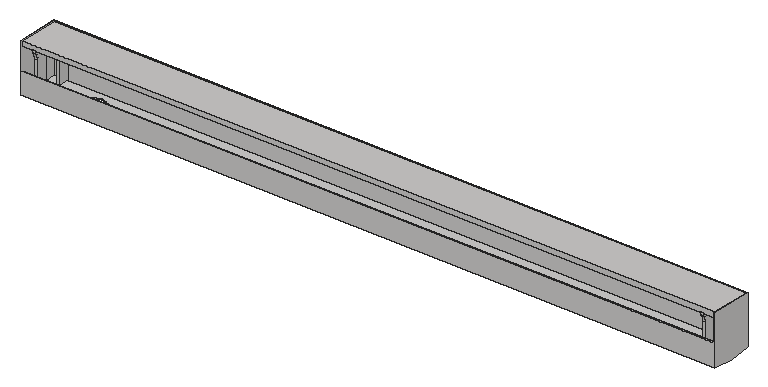
Revit family "PF_ST_RainTrak-O_ACO", category Plumbing Fixtures, Revit 2016
Family settings
  Part Type = Normal
  Round Connector Dimension = Use Diameter
  OmniClass Number = 23.70.50.24
  OmniClass Title = Rainwater Removal
  Work Plane-Based = Yes
  Always vertical = Yes
  Cut with Voids When Loaded = Yes
  Shared = No
  Room Calculation Point = No
Parameters (values of type "RainTrak-O-75mm width")
  width_C_ANZRS [instance] = if(type_index = 1, 75 mm, if(type_index = 2, 100 mm, if(type_index = 3, 123 mm, 0 mm)))  # 75 mm
  type_index = 1
  sill_depth01 [instance] = depth_01_C_ANZRS - channel_depth - 5.3 mm  # 50 mm
  sill_depth [instance] = 50 mm
  region_index = 1  # constant formula
  product_index [instance] = size_lookup(lookup_table_name, "pi", 0, type_index, grating_index)  # 2
  product_assortment_C_ANZRS [instance] = "RainTrak"  # constant formula
  outlet_number [instance] = 1
  outlet_dia [instance] = 50 mm
  min_end_dist [instance] = length_01_C_ANZRS - diameter_calculated  # 1249.2 mm
  material_C_ANZRS [instance] = Steel, Stainless
  lookup_table_name [instance] = "RainTrak"  # constant formula
  length_01_C_ANZRS [instance] = channel_length  # 1300 mm
  gratings [instance] = gratings_RainTrak : Affiner_grating
  grating_length [instance] = channel_length - 3 mm  # 1297 mm
  grating_index [instance] = if(gratings = gm_type1, 1, if(gratings = gm_type2, 2, 0))  # 2
  gm_type2 [instance] = gratings_RainTrak : Affiner_grating
  gm_type1 [instance] = gratings_RainTrak : Linéaire_grating
  e-mail sales = "sales@acoaus.com.au"
  e-mail Technical = "sales@acoaus.com.au"
  drain_position_calculated_9 [instance] = if(or(outlet_number = 9, outlet_number > 9), (if(or(drain_position_9 < 0 mm, drain_position_9 = 0 mm), (drain_position_calculated_8 + (1.5 * diameter_calculated)), if(and(drain_position_9 > 0 mm, drain_position_9 < (drain_position_calculated_8 + (1.5 * diameter_calculated)) + 0.1 mm), (drain_position_calculated_8 + (1.5 * diameter_calculated)), if(and(drain_position_9 > (drain_position_calculated_8 + (1.5 * diameter_calculated)), drain_position_9 < min_end_dist + 0.1 mm), drain_position_9, if(and(drain_position_9 > (drain_position_calculated_8 + (1.5 * diameter_calculated)), drain_position_9 < length_01_C_ANZRS), min_end_dist, (if(or(drain_position_9 > length_01_C_ANZRS, drain_position_9 = length_01_C_ANZRS), min_end_dist, drain_position_9 - diameter_calculated))))))), length_01_C_ANZRS + 100 mm)  # 1400 mm
  drain_position_calculated_8 [instance] = if(or(outlet_number = 8, outlet_number > 8), (if(or(drain_position_8 < 0 mm, drain_position_8 = 0 mm), (drain_position_calculated_7 + (1.5 * diameter_calculated)), if(and(drain_position_8 > 0 mm, drain_position_8 < (drain_position_calculated_7 + (1.5 * diameter_calculated)) + 0.1 mm), (drain_position_calculated_7 + (1.5 * diameter_calculated)), if(and(drain_position_8 > (drain_position_calculated_7 + (1.5 * diameter_calculated)), drain_position_8 < min_end_dist + 0.1 mm), drain_position_8, if(and(drain_position_8 > (drain_position_calculated_7 + (1.5 * diameter_calculated)), drain_position_8 < length_01_C_ANZRS), min_end_dist, (if(or(drain_position_8 > length_01_C_ANZRS, drain_position_8 = length_01_C_ANZRS), min_end_dist, drain_position_8 - diameter_calculated))))))), length_01_C_ANZRS + 100 mm)  # 1400 mm
  drain_position_calculated_7 [instance] = if(or(outlet_number = 7, outlet_number > 7), (if(or(drain_position_7 < 0 mm, drain_position_7 = 0 mm), (drain_position_calculated_6 + (1.5 * diameter_calculated)), if(and(drain_position_7 > 0 mm, drain_position_7 < (drain_position_calculated_6 + (1.5 * diameter_calculated)) + 0.1 mm), (drain_position_calculated_6 + (1.5 * diameter_calculated)), if(and(drain_position_7 > (drain_position_calculated_6 + (1.5 * diameter_calculated)), drain_position_7 < min_end_dist + 0.1 mm), drain_position_7, if(and(drain_position_7 > (drain_position_calculated_6 + (1.5 * diameter_calculated)), drain_position_7 < length_01_C_ANZRS), min_end_dist, (if(or(drain_position_7 > length_01_C_ANZRS, drain_position_7 = length_01_C_ANZRS), min_end_dist, drain_position_7 - diameter_calculated))))))), length_01_C_ANZRS + 100 mm)  # 1400 mm
  drain_position_calculated_6 [instance] = if(or(outlet_number = 6, outlet_number > 6), (if(or(drain_position_6 < 0 mm, drain_position_6 = 0 mm), (drain_position_calculated_5 + (1.5 * diameter_calculated)), if(and(drain_position_6 > 0 mm, drain_position_6 < (drain_position_calculated_5 + (1.5 * diameter_calculated)) + 0.1 mm), (drain_position_calculated_5 + (1.5 * diameter_calculated)), if(and(drain_position_6 > (drain_position_calculated_5 + (1.5 * diameter_calculated)), drain_position_6 < min_end_dist + 0.1 mm), drain_position_6, if(and(drain_position_6 > (drain_position_calculated_5 + (1.5 * diameter_calculated)), drain_position_6 < length_01_C_ANZRS), min_end_dist, (if(or(drain_position_6 > length_01_C_ANZRS, drain_position_6 = length_01_C_ANZRS), min_end_dist, drain_position_6 - diameter_calculated))))))), length_01_C_ANZRS + 100 mm)  # 1400 mm
  drain_position_calculated_5 [instance] = if(or(outlet_number = 5, outlet_number > 5), (if(or(drain_position_5 < 0 mm, drain_position_5 = 0 mm), (drain_position_calculated_4 + (1.5 * diameter_calculated)), if(and(drain_position_5 > 0 mm, drain_position_5 < (drain_position_calculated_4 + (1.5 * diameter_calculated)) + 0.1 mm), (drain_position_calculated_4 + (1.5 * diameter_calculated)), if(and(drain_position_5 > (drain_position_calculated_4 + (1.5 * diameter_calculated)), drain_position_5 < min_end_dist + 0.1 mm), drain_position_5, if(and(drain_position_5 > (drain_position_calculated_4 + (1.5 * diameter_calculated)), drain_position_5 < length_01_C_ANZRS), min_end_dist, (if(or(drain_position_5 > length_01_C_ANZRS, drain_position_5 = length_01_C_ANZRS), min_end_dist, drain_position_5 - diameter_calculated))))))), length_01_C_ANZRS + 100 mm)  # 1400 mm
  drain_position_calculated_4 [instance] = if(or(outlet_number = 4, outlet_number > 4), (if(or(drain_position_4 < 0 mm, drain_position_4 = 0 mm), (drain_position_calculated_3 + (1.5 * diameter_calculated)), if(and(drain_position_4 > 0 mm, drain_position_4 < (drain_position_calculated_3 + (1.5 * diameter_calculated)) + 0.1 mm), (drain_position_calculated_3 + (1.5 * diameter_calculated)), if(and(drain_position_4 > (drain_position_calculated_3 + (1.5 * diameter_calculated)), drain_position_4 < min_end_dist + 0.1 mm), drain_position_4, if(and(drain_position_4 > (drain_position_calculated_3 + (1.5 * diameter_calculated)), drain_position_4 < length_01_C_ANZRS), min_end_dist, (if(or(drain_position_4 > length_01_C_ANZRS, drain_position_4 = length_01_C_ANZRS), min_end_dist, drain_position_4 - diameter_calculated))))))), length_01_C_ANZRS + 100 mm)  # 1400 mm
  drain_position_calculated_30 [instance] = if(or(outlet_number = 30, outlet_number > 30), (if(or(drain_position_30 < 0 mm, drain_position_30 = 0 mm), (drain_position_calculated_29 + (1.5 * diameter_calculated)), if(and(drain_position_30 > 0 mm, drain_position_30 < (drain_position_calculated_29 + (1.5 * diameter_calculated)) + 0.1 mm), (drain_position_calculated_29 + (1.5 * diameter_calculated)), if(and(drain_position_30 > (drain_position_calculated_29 + (1.5 * diameter_calculated)), drain_position_30 < min_end_dist + 0.1 mm), drain_position_30, if(and(drain_position_30 > (drain_position_calculated_29 + (1.5 * diameter_calculated)), drain_position_30 < length_01_C_ANZRS), min_end_dist, (if(or(drain_position_30 > length_01_C_ANZRS, drain_position_30 = length_01_C_ANZRS), min_end_dist, drain_position_30 - diameter_calculated))))))), length_01_C_ANZRS + 100 mm)  # 1400 mm
  drain_position_calculated_3 [instance] = if(or(outlet_number = 3, outlet_number > 3), (if(or(drain_position_3 < 0 mm, drain_position_3 = 0 mm), (drain_position_calculated_2 + (1.5 * diameter_calculated)), if(and(drain_position_3 > 0 mm, drain_position_3 < (drain_position_calculated_2 + (1.5 * diameter_calculated)) + 0.1 mm), (drain_position_calculated_2 + (1.5 * diameter_calculated)), if(and(drain_position_3 > (drain_position_calculated_2 + (1.5 * diameter_calculated)), drain_position_3 < min_end_dist + 0.1 mm), drain_position_3, if(and(drain_position_3 > (drain_position_calculated_2 + (1.5 * diameter_calculated)), drain_position_3 < length_01_C_ANZRS), min_end_dist, (if(or(drain_position_3 > length_01_C_ANZRS, drain_position_3 = length_01_C_ANZRS), min_end_dist, drain_position_3 - diameter_calculated))))))), length_01_C_ANZRS + 100 mm)  # 1400 mm
  drain_position_calculated_29 [instance] = if(or(outlet_number = 29, outlet_number > 29), (if(or(drain_position_29 < 0 mm, drain_position_29 = 0 mm), (drain_position_calculated_28 + (1.5 * diameter_calculated)), if(and(drain_position_29 > 0 mm, drain_position_29 < (drain_position_calculated_28 + (1.5 * diameter_calculated)) + 0.1 mm), (drain_position_calculated_28 + (1.5 * diameter_calculated)), if(and(drain_position_29 > (drain_position_calculated_28 + (1.5 * diameter_calculated)), drain_position_29 < min_end_dist + 0.1 mm), drain_position_29, if(and(drain_position_29 > (drain_position_calculated_28 + (1.5 * diameter_calculated)), drain_position_29 < length_01_C_ANZRS), min_end_dist, (if(or(drain_position_29 > length_01_C_ANZRS, drain_position_29 = length_01_C_ANZRS), min_end_dist, drain_position_29 - diameter_calculated))))))), length_01_C_ANZRS + 100 mm)  # 1400 mm
  drain_position_calculated_28 [instance] = if(or(outlet_number = 28, outlet_number > 28), (if(or(drain_position_28 < 0 mm, drain_position_28 = 0 mm), (drain_position_calculated_27 + (1.5 * diameter_calculated)), if(and(drain_position_28 > 0 mm, drain_position_28 < (drain_position_calculated_27 + (1.5 * diameter_calculated)) + 0.1 mm), (drain_position_calculated_27 + (1.5 * diameter_calculated)), if(and(drain_position_28 > (drain_position_calculated_27 + (1.5 * diameter_calculated)), drain_position_28 < min_end_dist + 0.1 mm), drain_position_28, if(and(drain_position_28 > (drain_position_calculated_27 + (1.5 * diameter_calculated)), drain_position_28 < length_01_C_ANZRS), min_end_dist, (if(or(drain_position_28 > length_01_C_ANZRS, drain_position_28 = length_01_C_ANZRS), min_end_dist, drain_position_28 - diameter_calculated))))))), length_01_C_ANZRS + 100 mm)  # 1400 mm
  drain_position_calculated_27 [instance] = if(or(outlet_number = 27, outlet_number > 27), (if(or(drain_position_27 < 0 mm, drain_position_27 = 0 mm), (drain_position_calculated_26 + (1.5 * diameter_calculated)), if(and(drain_position_27 > 0 mm, drain_position_27 < (drain_position_calculated_26 + (1.5 * diameter_calculated)) + 0.1 mm), (drain_position_calculated_26 + (1.5 * diameter_calculated)), if(and(drain_position_27 > (drain_position_calculated_26 + (1.5 * diameter_calculated)), drain_position_27 < min_end_dist + 0.1 mm), drain_position_27, if(and(drain_position_27 > (drain_position_calculated_26 + (1.5 * diameter_calculated)), drain_position_27 < length_01_C_ANZRS), min_end_dist, (if(or(drain_position_27 > length_01_C_ANZRS, drain_position_27 = length_01_C_ANZRS), min_end_dist, drain_position_27 - diameter_calculated))))))), length_01_C_ANZRS + 100 mm)  # 1400 mm
  drain_position_calculated_26 [instance] = if(or(outlet_number = 26, outlet_number > 26), (if(or(drain_position_26 < 0 mm, drain_position_26 = 0 mm), (drain_position_calculated_25 + (1.5 * diameter_calculated)), if(and(drain_position_26 > 0 mm, drain_position_26 < (drain_position_calculated_25 + (1.5 * diameter_calculated)) + 0.1 mm), (drain_position_calculated_25 + (1.5 * diameter_calculated)), if(and(drain_position_26 > (drain_position_calculated_25 + (1.5 * diameter_calculated)), drain_position_26 < min_end_dist + 0.1 mm), drain_position_26, if(and(drain_position_26 > (drain_position_calculated_25 + (1.5 * diameter_calculated)), drain_position_26 < length_01_C_ANZRS), min_end_dist, (if(or(drain_position_26 > length_01_C_ANZRS, drain_position_26 = length_01_C_ANZRS), min_end_dist, drain_position_26 - diameter_calculated))))))), length_01_C_ANZRS + 100 mm)  # 1400 mm
  drain_position_calculated_25 [instance] = if(or(outlet_number = 25, outlet_number > 25), (if(or(drain_position_25 < 0 mm, drain_position_25 = 0 mm), (drain_position_calculated_24 + (1.5 * diameter_calculated)), if(and(drain_position_25 > 0 mm, drain_position_25 < (drain_position_calculated_24 + (1.5 * diameter_calculated)) + 0.1 mm), (drain_position_calculated_24 + (1.5 * diameter_calculated)), if(and(drain_position_25 > (drain_position_calculated_24 + (1.5 * diameter_calculated)), drain_position_25 < min_end_dist + 0.1 mm), drain_position_25, if(and(drain_position_25 > (drain_position_calculated_24 + (1.5 * diameter_calculated)), drain_position_25 < length_01_C_ANZRS), min_end_dist, (if(or(drain_position_25 > length_01_C_ANZRS, drain_position_25 = length_01_C_ANZRS), min_end_dist, drain_position_25 - diameter_calculated))))))), length_01_C_ANZRS + 100 mm)  # 1400 mm
  drain_position_calculated_24 [instance] = if(or(outlet_number = 24, outlet_number > 24), (if(or(drain_position_24 < 0 mm, drain_position_24 = 0 mm), (drain_position_calculated_23 + (1.5 * diameter_calculated)), if(and(drain_position_24 > 0 mm, drain_position_24 < (drain_position_calculated_23 + (1.5 * diameter_calculated)) + 0.1 mm), (drain_position_calculated_23 + (1.5 * diameter_calculated)), if(and(drain_position_24 > (drain_position_calculated_23 + (1.5 * diameter_calculated)), drain_position_24 < min_end_dist + 0.1 mm), drain_position_24, if(and(drain_position_24 > (drain_position_calculated_23 + (1.5 * diameter_calculated)), drain_position_24 < length_01_C_ANZRS), min_end_dist, (if(or(drain_position_24 > length_01_C_ANZRS, drain_position_24 = length_01_C_ANZRS), min_end_dist, drain_position_24 - diameter_calculated))))))), length_01_C_ANZRS + 100 mm)  # 1400 mm
  drain_position_calculated_23 [instance] = if(or(outlet_number = 23, outlet_number > 23), (if(or(drain_position_23 < 0 mm, drain_position_23 = 0 mm), (drain_position_calculated_22 + (1.5 * diameter_calculated)), if(and(drain_position_23 > 0 mm, drain_position_23 < (drain_position_calculated_22 + (1.5 * diameter_calculated)) + 0.1 mm), (drain_position_calculated_22 + (1.5 * diameter_calculated)), if(and(drain_position_23 > (drain_position_calculated_22 + (1.5 * diameter_calculated)), drain_position_23 < min_end_dist + 0.1 mm), drain_position_23, if(and(drain_position_23 > (drain_position_calculated_22 + (1.5 * diameter_calculated)), drain_position_23 < length_01_C_ANZRS), min_end_dist, (if(or(drain_position_23 > length_01_C_ANZRS, drain_position_23 = length_01_C_ANZRS), min_end_dist, drain_position_23 - diameter_calculated))))))), length_01_C_ANZRS + 100 mm)  # 1400 mm
  drain_position_calculated_22 [instance] = if(or(outlet_number = 22, outlet_number > 22), (if(or(drain_position_22 < 0 mm, drain_position_22 = 0 mm), (drain_position_calculated_21 + (1.5 * diameter_calculated)), if(and(drain_position_22 > 0 mm, drain_position_22 < (drain_position_calculated_21 + (1.5 * diameter_calculated)) + 0.1 mm), (drain_position_calculated_21 + (1.5 * diameter_calculated)), if(and(drain_position_22 > (drain_position_calculated_21 + (1.5 * diameter_calculated)), drain_position_22 < min_end_dist + 0.1 mm), drain_position_22, if(and(drain_position_22 > (drain_position_calculated_21 + (1.5 * diameter_calculated)), drain_position_22 < length_01_C_ANZRS), min_end_dist, (if(or(drain_position_22 > length_01_C_ANZRS, drain_position_22 = length_01_C_ANZRS), min_end_dist, drain_position_22 - diameter_calculated))))))), length_01_C_ANZRS + 100 mm)  # 1400 mm
  drain_position_calculated_21 [instance] = if(or(outlet_number = 21, outlet_number > 21), (if(or(drain_position_21 < 0 mm, drain_position_21 = 0 mm), (drain_position_calculated_20 + (1.5 * diameter_calculated)), if(and(drain_position_21 > 0 mm, drain_position_21 < (drain_position_calculated_20 + (1.5 * diameter_calculated)) + 0.1 mm), (drain_position_calculated_20 + (1.5 * diameter_calculated)), if(and(drain_position_21 > (drain_position_calculated_20 + (1.5 * diameter_calculated)), drain_position_21 < min_end_dist + 0.1 mm), drain_position_21, if(and(drain_position_21 > (drain_position_calculated_20 + (1.5 * diameter_calculated)), drain_position_21 < length_01_C_ANZRS), min_end_dist, (if(or(drain_position_21 > length_01_C_ANZRS, drain_position_21 = length_01_C_ANZRS), min_end_dist, drain_position_21 - diameter_calculated))))))), length_01_C_ANZRS + 100 mm)  # 1400 mm
  drain_position_calculated_20 [instance] = if(or(outlet_number = 20, outlet_number > 20), (if(or(drain_position_20 < 0 mm, drain_position_20 = 0 mm), (drain_position_calculated_19 + (1.5 * diameter_calculated)), if(and(drain_position_20 > 0 mm, drain_position_20 < (drain_position_calculated_19 + (1.5 * diameter_calculated)) + 0.1 mm), (drain_position_calculated_19 + (1.5 * diameter_calculated)), if(and(drain_position_20 > (drain_position_calculated_19 + (1.5 * diameter_calculated)), drain_position_20 < min_end_dist + 0.1 mm), drain_position_20, if(and(drain_position_20 > (drain_position_calculated_19 + (1.5 * diameter_calculated)), drain_position_20 < length_01_C_ANZRS), min_end_dist, (if(or(drain_position_20 > length_01_C_ANZRS, drain_position_20 = length_01_C_ANZRS), min_end_dist, drain_position_20 - diameter_calculated))))))), length_01_C_ANZRS + 100 mm)  # 1400 mm
  drain_position_calculated_2 [instance] = if(or(outlet_number = 2, outlet_number > 2), (if(or(drain_position_2 < 0 mm, drain_position_2 = 0 mm), (drain_position_calculated_1 + (1.5 * diameter_calculated)), if(and(drain_position_2 > 0 mm, drain_position_2 < (drain_position_calculated_1 + (1.5 * diameter_calculated)) + 0.1 mm), (drain_position_calculated_1 + (1.5 * diameter_calculated)), if(and(drain_position_2 > (drain_position_calculated_1 + (1.5 * diameter_calculated)), drain_position_2 < min_end_dist + 0.1 mm), drain_position_2, if(and(drain_position_2 > (drain_position_calculated_1 + (1.5 * diameter_calculated)), drain_position_2 < length_01_C_ANZRS), min_end_dist, (if(or(drain_position_2 > length_01_C_ANZRS, drain_position_2 = length_01_C_ANZRS), min_end_dist, drain_position_2 - diameter_calculated))))))), length_01_C_ANZRS + 100 mm)  # 1400 mm
  drain_position_calculated_19 [instance] = if(or(outlet_number = 19, outlet_number > 19), (if(or(drain_position_19 < 0 mm, drain_position_19 = 0 mm), (drain_position_calculated_18 + (1.5 * diameter_calculated)), if(and(drain_position_19 > 0 mm, drain_position_19 < (drain_position_calculated_18 + (1.5 * diameter_calculated)) + 0.1 mm), (drain_position_calculated_18 + (1.5 * diameter_calculated)), if(and(drain_position_19 > (drain_position_calculated_18 + (1.5 * diameter_calculated)), drain_position_19 < min_end_dist + 0.1 mm), drain_position_19, if(and(drain_position_19 > (drain_position_calculated_18 + (1.5 * diameter_calculated)), drain_position_19 < length_01_C_ANZRS), min_end_dist, (if(or(drain_position_19 > length_01_C_ANZRS, drain_position_19 = length_01_C_ANZRS), min_end_dist, drain_position_19 - diameter_calculated))))))), length_01_C_ANZRS + 100 mm)  # 1400 mm
  drain_position_calculated_18 [instance] = if(or(outlet_number = 18, outlet_number > 18), (if(or(drain_position_18 < 0 mm, drain_position_18 = 0 mm), (drain_position_calculated_17 + (1.5 * diameter_calculated)), if(and(drain_position_18 > 0 mm, drain_position_18 < (drain_position_calculated_17 + (1.5 * diameter_calculated)) + 0.1 mm), (drain_position_calculated_17 + (1.5 * diameter_calculated)), if(and(drain_position_18 > (drain_position_calculated_17 + (1.5 * diameter_calculated)), drain_position_18 < min_end_dist + 0.1 mm), drain_position_18, if(and(drain_position_18 > (drain_position_calculated_17 + (1.5 * diameter_calculated)), drain_position_18 < length_01_C_ANZRS), min_end_dist, (if(or(drain_position_18 > length_01_C_ANZRS, drain_position_18 = length_01_C_ANZRS), min_end_dist, drain_position_18 - diameter_calculated))))))), length_01_C_ANZRS + 100 mm)  # 1400 mm
  drain_position_calculated_17 [instance] = if(or(outlet_number = 17, outlet_number > 17), (if(or(drain_position_17 < 0 mm, drain_position_17 = 0 mm), (drain_position_calculated_16 + (1.5 * diameter_calculated)), if(and(drain_position_17 > 0 mm, drain_position_17 < (drain_position_calculated_16 + (1.5 * diameter_calculated)) + 0.1 mm), (drain_position_calculated_16 + (1.5 * diameter_calculated)), if(and(drain_position_17 > (drain_position_calculated_16 + (1.5 * diameter_calculated)), drain_position_17 < min_end_dist + 0.1 mm), drain_position_17, if(and(drain_position_17 > (drain_position_calculated_16 + (1.5 * diameter_calculated)), drain_position_17 < length_01_C_ANZRS), min_end_dist, (if(or(drain_position_17 > length_01_C_ANZRS, drain_position_17 = length_01_C_ANZRS), min_end_dist, drain_position_17 - diameter_calculated))))))), length_01_C_ANZRS + 100 mm)  # 1400 mm
  drain_position_calculated_16 [instance] = if(or(outlet_number = 16, outlet_number > 16), (if(or(drain_position_16 < 0 mm, drain_position_16 = 0 mm), (drain_position_calculated_15 + (1.5 * diameter_calculated)), if(and(drain_position_16 > 0 mm, drain_position_16 < (drain_position_calculated_15 + (1.5 * diameter_calculated)) + 0.1 mm), (drain_position_calculated_15 + (1.5 * diameter_calculated)), if(and(drain_position_16 > (drain_position_calculated_15 + (1.5 * diameter_calculated)), drain_position_16 < min_end_dist + 0.1 mm), drain_position_16, if(and(drain_position_16 > (drain_position_calculated_15 + (1.5 * diameter_calculated)), drain_position_16 < length_01_C_ANZRS), min_end_dist, (if(or(drain_position_16 > length_01_C_ANZRS, drain_position_16 = length_01_C_ANZRS), min_end_dist, drain_position_16 - diameter_calculated))))))), length_01_C_ANZRS + 100 mm)  # 1400 mm
  drain_position_calculated_15 [instance] = if(or(outlet_number = 15, outlet_number > 15), (if(or(drain_position_15 < 0 mm, drain_position_15 = 0 mm), (drain_position_calculated_14 + (1.5 * diameter_calculated)), if(and(drain_position_15 > 0 mm, drain_position_15 < (drain_position_calculated_14 + (1.5 * diameter_calculated)) + 0.1 mm), (drain_position_calculated_14 + (1.5 * diameter_calculated)), if(and(drain_position_15 > (drain_position_calculated_14 + (1.5 * diameter_calculated)), drain_position_15 < min_end_dist + 0.1 mm), drain_position_15, if(and(drain_position_15 > (drain_position_calculated_14 + (1.5 * diameter_calculated)), drain_position_15 < length_01_C_ANZRS), min_end_dist, (if(or(drain_position_15 > length_01_C_ANZRS, drain_position_15 = length_01_C_ANZRS), min_end_dist, drain_position_15 - diameter_calculated))))))), length_01_C_ANZRS + 100 mm)  # 1400 mm
  drain_position_calculated_14 [instance] = if(or(outlet_number = 14, outlet_number > 14), (if(or(drain_position_14 < 0 mm, drain_position_14 = 0 mm), (drain_position_calculated_13 + (1.5 * diameter_calculated)), if(and(drain_position_14 > 0 mm, drain_position_14 < (drain_position_calculated_13 + (1.5 * diameter_calculated)) + 0.1 mm), (drain_position_calculated_13 + (1.5 * diameter_calculated)), if(and(drain_position_14 > (drain_position_calculated_13 + (1.5 * diameter_calculated)), drain_position_14 < min_end_dist + 0.1 mm), drain_position_14, if(and(drain_position_14 > (drain_position_calculated_13 + (1.5 * diameter_calculated)), drain_position_14 < length_01_C_ANZRS), min_end_dist, (if(or(drain_position_14 > length_01_C_ANZRS, drain_position_14 = length_01_C_ANZRS), min_end_dist, drain_position_14 - diameter_calculated))))))), length_01_C_ANZRS + 100 mm)  # 1400 mm
  drain_position_calculated_13 [instance] = if(or(outlet_number = 13, outlet_number > 13), (if(or(drain_position_13 < 0 mm, drain_position_13 = 0 mm), (drain_position_calculated_12 + (1.5 * diameter_calculated)), if(and(drain_position_13 > 0 mm, drain_position_13 < (drain_position_calculated_12 + (1.5 * diameter_calculated)) + 0.1 mm), (drain_position_calculated_12 + (1.5 * diameter_calculated)), if(and(drain_position_13 > (drain_position_calculated_12 + (1.5 * diameter_calculated)), drain_position_13 < min_end_dist + 0.1 mm), drain_position_13, if(and(drain_position_13 > (drain_position_calculated_12 + (1.5 * diameter_calculated)), drain_position_13 < length_01_C_ANZRS), min_end_dist, (if(or(drain_position_13 > length_01_C_ANZRS, drain_position_13 = length_01_C_ANZRS), min_end_dist, drain_position_13 - diameter_calculated))))))), length_01_C_ANZRS + 100 mm)  # 1400 mm
  drain_position_calculated_12 [instance] = if(or(outlet_number = 12, outlet_number > 12), (if(or(drain_position_12 < 0 mm, drain_position_12 = 0 mm), (drain_position_calculated_11 + (1.5 * diameter_calculated)), if(and(drain_position_12 > 0 mm, drain_position_12 < (drain_position_calculated_11 + (1.5 * diameter_calculated)) + 0.1 mm), (drain_position_calculated_11 + (1.5 * diameter_calculated)), if(and(drain_position_12 > (drain_position_calculated_11 + (1.5 * diameter_calculated)), drain_position_12 < min_end_dist + 0.1 mm), drain_position_12, if(and(drain_position_12 > (drain_position_calculated_11 + (1.5 * diameter_calculated)), drain_position_12 < length_01_C_ANZRS), min_end_dist, (if(or(drain_position_12 > length_01_C_ANZRS, drain_position_12 = length_01_C_ANZRS), min_end_dist, drain_position_12 - diameter_calculated))))))), length_01_C_ANZRS + 100 mm)  # 1400 mm
  drain_position_calculated_11 [instance] = if(or(outlet_number = 11, outlet_number > 11), (if(or(drain_position_11 < 0 mm, drain_position_11 = 0 mm), (drain_position_calculated_10 + (1.5 * diameter_calculated)), if(and(drain_position_11 > 0 mm, drain_position_11 < (drain_position_calculated_10 + (1.5 * diameter_calculated)) + 0.1 mm), (drain_position_calculated_10 + (1.5 * diameter_calculated)), if(and(drain_position_11 > (drain_position_calculated_10 + (1.5 * diameter_calculated)), drain_position_11 < min_end_dist + 0.1 mm), drain_position_11, if(and(drain_position_11 > (drain_position_calculated_10 + (1.5 * diameter_calculated)), drain_position_11 < length_01_C_ANZRS), min_end_dist, (if(or(drain_position_11 > length_01_C_ANZRS, drain_position_11 = length_01_C_ANZRS), min_end_dist, drain_position_11 - diameter_calculated))))))), length_01_C_ANZRS + 100 mm)  # 1400 mm
  drain_position_calculated_10 [instance] = if(or(outlet_number = 10, outlet_number > 10), (if(or(drain_position_10 < 0 mm, drain_position_10 = 0 mm), (drain_position_calculated_9 + (1.5 * diameter_calculated)), if(and(drain_position_10 > 0 mm, drain_position_10 < (drain_position_calculated_9 + (1.5 * diameter_calculated)) + 0.1 mm), (drain_position_calculated_9 + (1.5 * diameter_calculated)), if(and(drain_position_10 > (drain_position_calculated_9 + (1.5 * diameter_calculated)), drain_position_10 < min_end_dist + 0.1 mm), drain_position_10, if(and(drain_position_10 > (drain_position_calculated_9 + (1.5 * diameter_calculated)), drain_position_10 < length_01_C_ANZRS), min_end_dist, (if(or(drain_position_10 > length_01_C_ANZRS, drain_position_10 = length_01_C_ANZRS), min_end_dist, drain_position_10 - diameter_calculated))))))), length_01_C_ANZRS + 100 mm)  # 1400 mm
  drain_position_calculated_1 [instance] = (if(or(drain_position_1 < 0 mm, drain_position_1 = 0 mm), diameter_calculated, if(and(drain_position_1 > 0 mm, drain_position_1 < diameter_calculated + 0.1 mm), diameter_calculated, if(and(drain_position_1 > diameter_calculated, drain_position_1 < min_end_dist + 0.1 mm), drain_position_1, if(and(drain_position_1 > diameter_calculated, drain_position_1 < length_01_C_ANZRS), min_end_dist, (if(or(drain_position_1 > length_01_C_ANZRS, drain_position_1 = length_01_C_ANZRS), min_end_dist, drain_position_1 - diameter_calculated)))))))  # 100 mm
  drain_position_9 [instance] = 1600 mm
  drain_position_8 [instance] = 1400 mm
  drain_position_7 [instance] = 1200 mm
  drain_position_6 [instance] = 1000 mm
  drain_position_5 [instance] = 800 mm
  drain_position_4 [instance] = 600 mm
  drain_position_30 [instance] = 6000 mm
  drain_position_3 [instance] = 400 mm
  drain_position_29 [instance] = 5800 mm
  drain_position_28 [instance] = 5600 mm
  drain_position_27 [instance] = 5400 mm
  drain_position_26 [instance] = 5200 mm
  drain_position_25 [instance] = 5000 mm
  drain_position_24 [instance] = 4800 mm
  drain_position_23 [instance] = 4400 mm
  drain_position_22 [instance] = 4200 mm
  drain_position_21 [instance] = 4000 mm
  drain_position_20 [instance] = 3800 mm
  drain_position_2 [instance] = 200 mm
  drain_position_19 [instance] = 3600 mm
  drain_position_18 [instance] = 3400 mm
  drain_position_17 [instance] = 3200 mm
  drain_position_16 [instance] = 3000 mm
  drain_position_15 [instance] = 2800 mm
  drain_position_14 [instance] = 2600 mm
  drain_position_13 [instance] = 2400 mm
  drain_position_12 [instance] = 2200 mm
  drain_position_11 [instance] = 2000 mm
  drain_position_10 [instance] = 1800 mm
  d6 = 101.6 mm  # constant formula
  d5 = 88.9 mm  # constant formula
  d4 = 76.2 mm  # constant formula
  d1 = 38.1 mm  # constant formula
  d2 = 50.8 mm  # constant formula
  d3 = 63.5 mm  # constant formula
  diameter_calculated [instance] = if(type_index = 1, D1_calculated, if(type_index = 2, D2_calculated, if(type_index = 3, D3_calculated, D3_calculated)))  # 50.8 mm
  WARNING! [instance] = "Position of the maximum number of outlet should not exceed the length of the channel"  # constant formula
  NOTE [instance] = "Position of the additional outlet is always towards the right side of the previous outlet"  # constant formula
  Default Elevation = 1219.2 mm
  D1_calculated [instance] = if(or(outlet_dia < d1, outlet_dia = d1), d1, if(and(outlet_dia > d1, outlet_dia < d2), d2, if(or(outlet_dia < d2, outlet_dia = d2), d2, if(and(outlet_dia > d2, outlet_dia < d3), d3, if(and(outlet_dia > d3, outlet_dia < d4), d3, if(or(outlet_dia = d3, outlet_dia > d3), d3, d3))))))  # 50.8 mm
  D2_calculated [instance] = if(or(outlet_dia < d1, outlet_dia = d1), d1, if(and(outlet_dia > d1, outlet_dia < d2), d2, if(or(outlet_dia < d2, outlet_dia = d2), d2, if(and(outlet_dia > d2, outlet_dia < d3), d3, if(or(outlet_dia < d3, outlet_dia = d3), d3, if(and(outlet_dia > d3, outlet_dia < d4), d4, if(or(outlet_dia < d4, outlet_dia = d4), d4, if(and(outlet_dia > d4, outlet_dia < d5), d5, if(or(outlet_dia < d5, outlet_dia = d5), d5, d5)))))))))  # 50.8 mm
  D3_calculated [instance] = if(or(outlet_dia < d1, outlet_dia = d1), d1, if(and(outlet_dia > d1, outlet_dia < d2), d2, if(or(outlet_dia < d2, outlet_dia = d2), d2, if(and(outlet_dia > d2, outlet_dia < d3), d3, if(or(outlet_dia < d3, outlet_dia = d3), d3, if(and(outlet_dia > d3, outlet_dia < d4), d4, if(or(outlet_dia < d4, outlet_dia = d4), d4, if(and(outlet_dia > d4, outlet_dia < d5), d5, if(or(outlet_dia < d5, outlet_dia = d5), d5, if(and(outlet_dia > d5, outlet_dia < d6), d6, if(or(outlet_dia = d6, outlet_dia > d6), d6, d6)))))))))))  # 50.8 mm
  description_C_ANZRS [instance] = if(product_index = 1, "ACO RainTrak-O 75mm wide with Linéaire grate (nominal)", if(product_index = 2, "ACO RainTrak-O 75mm wide with Affiner grate (nominal)", if(product_index = 3, "ACO RainTrak-O 100mm wide with Linéaire grate (nominal)", if(product_index = 4, "ACO RainTrak-O 100mm wide with Affiner grate (nominal)", if(product_index = 5, "ACO RainTrak-O 123mm wide with Linéaire grate (nominal)", if(product_index = 6, "ACO RainTrak-O 123mm wide with Affiner grate (nominal)", "Not available"))))))  # "ACO RainTrak-O 75mm wide with Affiner grate (nominal)"
  depth_calculated02 [instance] = if(or(sill_depth < 20 mm, sill_depth = 20 mm), 20 mm, if(and(sill_depth > 20 mm, sill_depth < 71 mm), sill_depth, if(or(sill_depth = 70 mm, sill_depth > 70 mm), 70 mm, 70 mm)))  # 50 mm
  depth_calculated01 [instance] = if(or(channel_depth < 20 mm, channel_depth = 20 mm), 20 mm, if(and(channel_depth > 20 mm, channel_depth < 51 mm), channel_depth, if(or(channel_depth = 50 mm, channel_depth > 50 mm), 50 mm, 50 mm)))  # 40 mm
  depth_03_C_ANZRS [instance] = depth_calculated02  # 50 mm
  depth_02_C_ANZRS [instance] = depth_calculated01  # 40 mm
  depth_01_C_ANZRS [instance] = depth_03_C_ANZRS + depth_02_C_ANZRS + 5.3 mm  # 95.3 mm
  content_date_changed_C_ANZRS = ""
  content_creator_C_ANZRS = "ACO Technology Centre, INDIA"  # constant formula
  code_article_C_ANZRS [instance] = size_lookup(lookup_table_name, "", "Not available", type_index, grating_index)  # "RT075A"
  channel_length [instance] = 1300 mm
  channel_depth [instance] = 40 mm
  Product_page_URL = "http://www.acobuildline.com.au/products/product-range-overview/raintrak/"
  Product_brochure = "http://www.acobuildline.com.au/product-support/downloads"
  Maintenance guidelines = "http://www.acobuildline.com.au/product-support/downloads"
  Installation guidelines = "http://www.acobuildline.com.au/product-support/downloads"
  drain_position_1 [instance] = 100 mm
  URL = "www.acobuildline.com.au"
  Telephone = " +61 2 4747 4000"  # constant formula
  Model = "RainTrak"  # constant formula
  Manufacturer = "ACO Pty Ltd"  # constant formula
  IfcExportType = "USERDEFINED"  # constant formula
  IfcExportAs = "IfcWasteTerminalType"  # constant formula
  IfcDescription = Description  # "Threshold door drainage"
  Fax = " +61 2 4747 4040"  # constant formula
  Description = "Threshold door drainage"  # constant formula
  Assembly Code = "D2040300"
  Address = "134-140 Old Bathurst Road, Emu Plains, NSW 2750, Australia"  # constant formula
Reference planes
  plane 1 "Center (Front/Back)": y = 0
  plane 2: z = 0
  plane 3 "Center (Left/Right)": x = 0
  plane 4: y = 37.5
  plane 5: y = -37.5
  plane 6 "connector_plane": z = -95.3
  plane 7: x = 1300
  plane 8: x = 1300
  plane 9: z = -50
Forms (mm)
  Extrusion 1, void
    sketch origin (0, 0, -95.3) x (0, 1, 0) y (-1, 0, 0)
      loop
        circle (0.121, -100) r 25.4
    from 4.179 to 0
  Extrusion 2, solid, material "Steel, Stainless" <- "material_C_ANZRS"
    sketch origin (0, 0, 0.441) x (0, 1, 0) y (0, 0, 1)
      loop
        line (39.5, -0.441) -> (37.5, -0.441) -> (37.5, -90.596) -> (0, -94.534) -> (-37.5, -90.441) -> (-37.5, -50.441) -> (-39.721, -50.441) -> (-39.721, -91.562) -> (0, -95.741) -> (39.5, -91.593) -> (39.5, -0.441)
    from 0 to 1300
  Extrusion 3, solid, material "Steel, Stainless" <- "material_C_ANZRS"
    sketch origin (0, 0, 0) x (0, 1, 0) y (0, 0, 1)
      loop
        line (37.5, -90.155) -> (37.5, 0) -> (-39.721, 0) -> (-39.721, -50) -> (-37.5, -50) -> (-37.5, -90) -> (0, -94.093) -> (37.5, -90.155)
    from 0 to 1.5
  Extrusion 4, solid, material "Steel, Stainless" <- "material_C_ANZRS"
    sketch origin (0, 0, 0) x (0, 1, 0) y (0, 0, 1)
      loop
        line (37.5, -90.155) -> (37.5, 0) -> (-39.721, 0) -> (-39.721, -50) -> (-37.5, -50) -> (-37.5, -90) -> (0, -94.093) -> (37.5, -90.155)
    from 1298.5 to 1300
  Extrusion 5, void
    sketch origin (0, 0, -95.3) x (0, 1, 0) y (-1, 0, 0)
      loop
        circle (0, -1400) r 25.4
    from 0 to 4.179
  Extrusion 6, void
    sketch origin (0, 0, -95.3) x (0, 1, 0) y (-1, 0, 0)
      loop
        circle (0, -1400) r 25.4
    from 0 to 4.179
  Extrusion 7, void
    sketch origin (0, 0, -95.3) x (0, 1, 0) y (-1, 0, 0)
      loop
        circle (0, -1400) r 25.4
    from 0 to 4.179
  Extrusion 8, void
    sketch origin (0, 0, -95.3) x (0, 1, 0) y (-1, 0, 0)
      loop
        circle (0, -1400) r 25.4
    from 0 to 4.179
  Extrusion 9, void
    sketch origin (0, 0, -95.3) x (0, 1, 0) y (-1, 0, 0)
      loop
        circle (0, -1400) r 25.4
    from 0 to 4.179
  Extrusion 10, void
    sketch origin (0, 0, -95.3) x (0, 1, 0) y (-1, 0, 0)
      loop
        circle (0, -1400) r 25.4
    from 0 to 4.179
  Extrusion 11, void
    sketch origin (0, 0, -95.3) x (0, 1, 0) y (-1, 0, 0)
      loop
        circle (0, -1400) r 25.4
    from 0 to 4.179
  Extrusion 12, void
    sketch origin (0, 0, -95.3) x (0, 1, 0) y (-1, 0, 0)
      loop
        circle (0, -1400) r 25.4
    from 0 to 4.179
  Extrusion 13, void
    sketch origin (0, 0, -95.3) x (0, 1, 0) y (-1, 0, 0)
      loop
        circle (0, -1400) r 25.4
    from 0 to 4.179
  Extrusion 14, void
    sketch origin (0, 0, -95.3) x (0, 1, 0) y (-1, 0, 0)
      loop
        circle (0, -1400) r 25.4
    from 0 to 4.179
  Extrusion 15, void
    sketch origin (0, 0, -95.3) x (0, 1, 0) y (-1, 0, 0)
      loop
        circle (0, -1400) r 25.4
    from 0 to 4.179
  Extrusion 16, void
    sketch origin (0, 0, -95.3) x (0, 1, 0) y (-1, 0, 0)
      loop
        circle (0, -1400) r 25.4
    from 0 to 4.179
  Extrusion 17, void
    sketch origin (0, 0, -95.3) x (0, 1, 0) y (-1, 0, 0)
      loop
        circle (0, -1400) r 25.4
    from 0 to 4.179
  Extrusion 18, void
    sketch origin (0, 0, -95.3) x (0, 1, 0) y (-1, 0, 0)
      loop
        circle (0, -1400) r 25.4
    from 0 to 4.179
  Extrusion 19, void
    sketch origin (0, 0, -95.3) x (0, 1, 0) y (-1, 0, 0)
      loop
        circle (0, -1400) r 25.4
    from 0 to 4.179
  Extrusion 20, void
    sketch origin (0, 0, -95.3) x (0, 1, 0) y (-1, 0, 0)
      loop
        circle (0, -1400) r 25.4
    from 0 to 4.179
  Extrusion 21, void
    sketch origin (0, 0, -95.3) x (0, 1, 0) y (-1, 0, 0)
      loop
        circle (0, -1400) r 25.4
    from 0 to 4.179
  Extrusion 22, void
    sketch origin (0, 0, -95.3) x (0, 1, 0) y (-1, 0, 0)
      loop
        circle (0, -1400) r 25.4
    from 0 to 4.179
  Extrusion 23, void
    sketch origin (1370.671, 0, 0) x (1, 0, 0) y (0, 1, 0)
      loop
        circle (29.329, 0) r 25.4
    from -95.3 to -91.121
  Extrusion 24, void
    sketch origin (0, 0, -95.3) x (0, 1, 0) y (-1, 0, 0)
      loop
        circle (0, -1400) r 25.4
    from 0 to 4.179
  Extrusion 25, void
    sketch origin (0, 0, -95.3) x (0, 1, 0) y (-1, 0, 0)
      loop
        circle (0, -1400) r 25.4
    from 0 to 4.179
  Extrusion 26, void
    sketch origin (0, 0, -95.3) x (0, 1, 0) y (-1, 0, 0)
      loop
        circle (0, -1400) r 25.4
    from 0 to 4.179
  Extrusion 27, void
    sketch origin (0, 0, -95.3) x (0, 1, 0) y (-1, 0, 0)
      loop
        circle (0, -1400) r 25.4
    from 0 to 4.179
  Extrusion 28, void
    sketch origin (0, 0, -95.3) x (0, 1, 0) y (-1, 0, 0)
      loop
        circle (0, -1400) r 25.4
    from 0 to 4.179
  Extrusion 29, void
    sketch origin (0, 0, -95.3) x (0, 1, 0) y (-1, 0, 0)
      loop
        circle (0, -1400) r 25.4
    from 0 to 4.179
  Extrusion 30, void
    sketch origin (0, 0, -95.3) x (0, 1, 0) y (-1, 0, 0)
      loop
        circle (0, -1400) r 25.4
    from 0 to 4.179
  Extrusion 31, void
    sketch origin (0, 0, -95.3) x (0, 1, 0) y (-1, 0, 0)
      loop
        circle (0, -1400) r 25.4
    from 0 to 4.179
  Extrusion 32, void
    sketch origin (0, 0, -95.3) x (0, 1, 0) y (-1, 0, 0)
      loop
        circle (0, -1400) r 25.4
    from 0 to 4.179
  Extrusion 33, void
    sketch origin (0, 0, -95.3) x (0, 1, 0) y (-1, 0, 0)
      loop
        circle (0, -1400) r 25.4
    from 0 to 4.179
  Extrusion 34, void
    sketch origin (0, 0, 0) x (1, 0, 0) y (0, 1, 0)
      loop
        line (0, 39.5) -> (0, -39.721) -> (1300, -39.721) -> (1300, 39.5) -> (0, 39.5)
    from -95.3 to 0
Cuts and joins
  Extrusion 1, Extrusion 5, Extrusion 6, Extrusion 7, Extrusion 8, Extrusion 9, Extrusion 10, Extrusion 11, Extrusion 12, Extrusion 13, Extrusion 14, Extrusion 15, Extrusion 16, Extrusion 17, Extrusion 18, Extrusion 19, Extrusion 20, Extrusion 21, Extrusion 22, Extrusion 23, Extrusion 24, Extrusion 25, Extrusion 26, Extrusion 27, Extrusion 28, Extrusion 29, Extrusion 30, Extrusion 31, Extrusion 32, Extrusion 33 cuts Extrusion 2
  Extrusion 6, Extrusion 7, Extrusion 8, Extrusion 9, Extrusion 10 cuts Extrusion 3
  Extrusion 6, Extrusion 7, Extrusion 8, Extrusion 9, Extrusion 10 cuts Extrusion 4
  joined: Extrusion 2, Extrusion 3, Extrusion 4
Lines and regions (mm)
  reference lines
    curve 1: line (100, 0, -95.3) -> (100, 0, -80.3)
    curve 2: line (1400, 0, -95.3) -> (1400, 0, -80.3)
    curve 3: line (1400, 0, -95.3) -> (1400, 0, -80.3)
    curve 4: line (1400, 0, -95.3) -> (1400, 0, -80.3)
    curve 5: line (1400, 0, -95.3) -> (1400, 0, -80.3)
    curve 6: line (1400, 0, -95.3) -> (1400, 0, -80.3)
    curve 7: line (1400, 0, -95.3) -> (1400, 0, -80.3)
    curve 8: line (1400, 0, -95.3) -> (1400, 0, -80.3)
    curve 9: line (1400, 0, -95.3) -> (1400, 0, -80.3)
    curve 10: line (1400, 0, -95.3) -> (1400, 0, -80.3)
    curve 11: line (1400, 0, -95.3) -> (1400, 0, -80.3)
    curve 12: line (1400, 0, -95.3) -> (1400, 0, -80.3)
    curve 13: line (1400, 0, -95.3) -> (1400, 0, -80.3)
    curve 14: line (1400, 0, -95.3) -> (1400, 0, -80.3)
    curve 15: line (1400, 0, -95.3) -> (1400, 0, -80.3)
    curve 16: line (1400, 0, -95.3) -> (1400, 0, -80.3)
    curve 17: line (1400, 0, -95.3) -> (1400, 0, -80.3)
    curve 18: line (1400, 0, -95.3) -> (1400, 0, -80.3)
    curve 19: line (1400, 0, -95.3) -> (1400, 0, -80.3)
    curve 20: line (1400, 0, -95.3) -> (1400, 0, -80.3)
    curve 21: line (1400, 0, -95.3) -> (1400, 0, -80.3)
    curve 22: line (1400, 0, -95.3) -> (1400, 0, -80.3)
    curve 23: line (1400, 0, -95.3) -> (1400, 0, -80.3)
    curve 24: line (1400, 0, -95.3) -> (1400, 0, -80.3)
    curve 25: line (1400, 0, -95.3) -> (1400, 0, -80.3)
    curve 26: line (1400, 0, -95.3) -> (1400, 0, -80.3)
    curve 27: line (1400, 0, -95.3) -> (1400, 0, -80.3)
    curve 28: line (1400, 0, -95.3) -> (1400, 0, -80.3)
    curve 29: line (1400, 0, -95.3) -> (1400, 0, -80.3)
    curve 30: line (1400, 0, -95.3) -> (1400, 0, -80.3)
Dimensions and locks
  equal spacing: plane 4, plane 1 "Center (Front/Back)", plane 5
  "drain_position_calculated_1": plane 3 "Center (Left/Right)" to Extrusion 1 sketch curve
  "depth_01_C_ANZRS": level to plane 6 "connector_plane"
  locked: Extrusion 2 sketch curve to plane 6 "connector_plane" at 4.179
  "width_C_ANZRS": plane 4 to plane 5
  "drain_position_calculated_1": curve 1 to plane 3 "Center (Left/Right)"
  "depth_01_C_ANZRS": level to Extrusion 2 sketch curve
  locked: Extrusion 3 to plane 3 "Center (Left/Right)" at 1.5
  locked: Extrusion 4 to Extrusion 4 at 1.5
  locked: Extrusion 2 sketch curve to Extrusion 2 sketch curve at 2.235
  locked: Extrusion 2 sketch curve to Extrusion 2 sketch curve at 2.488
  "length_01_C_ANZRS": plane 3 "Center (Left/Right)" to plane 7
  "length_01_C_ANZRS": plane 3 "Center (Left/Right)" to plane 8
  "depth_03_C_ANZRS": plane 2 to plane 9
  "depth_02_C_ANZRS": plane 9 to Extrusion 2 sketch curve
  "drain_position_calculated_2": plane 3 "Center (Left/Right)" to Extrusion 5 sketch curve
  "drain_position_calculated_3": plane 3 "Center (Left/Right)" to Extrusion 6 sketch curve
  "drain_position_calculated_4": plane 3 "Center (Left/Right)" to Extrusion 7 sketch curve
  "drain_position_calculated_5": plane 3 "Center (Left/Right)" to Extrusion 8 sketch curve
  "drain_position_calculated_6": plane 3 "Center (Left/Right)" to Extrusion 9 sketch curve
  "drain_position_calculated_7": plane 3 "Center (Left/Right)" to Extrusion 10 sketch curve
  "drain_position_calculated_8": plane 3 "Center (Left/Right)" to Extrusion 11 sketch curve
  "drain_position_calculated_9": plane 3 "Center (Left/Right)" to Extrusion 12 sketch curve
  "drain_position_calculated_10": plane 3 "Center (Left/Right)" to Extrusion 13 sketch curve
  "drain_position_calculated_11": plane 3 "Center (Left/Right)" to Extrusion 14 sketch curve
  "drain_position_calculated_12": plane 3 "Center (Left/Right)" to Extrusion 15 sketch curve
  "drain_position_calculated_13": plane 3 "Center (Left/Right)" to Extrusion 16 sketch curve
  "drain_position_calculated_14": plane 3 "Center (Left/Right)" to Extrusion 17 sketch curve
  "drain_position_calculated_15": plane 3 "Center (Left/Right)" to Extrusion 18 sketch curve
  "drain_position_calculated_16": plane 3 "Center (Left/Right)" to Extrusion 19 sketch curve
  "drain_position_calculated_17": plane 3 "Center (Left/Right)" to Extrusion 20 sketch curve
  "drain_position_calculated_18": plane 3 "Center (Left/Right)" to Extrusion 21 sketch curve
  "drain_position_calculated_19": plane 3 "Center (Left/Right)" to Extrusion 22 sketch curve
  "drain_position_calculated_20": plane 3 "Center (Left/Right)" to Extrusion 23 sketch curve
  "drain_position_calculated_21": plane 3 "Center (Left/Right)" to Extrusion 24 sketch curve
  "drain_position_calculated_22": plane 3 "Center (Left/Right)" to Extrusion 25 sketch curve
  "drain_position_calculated_23": plane 3 "Center (Left/Right)" to Extrusion 26 sketch curve
  "drain_position_calculated_24": plane 3 "Center (Left/Right)" to Extrusion 27 sketch curve
  "drain_position_calculated_25": plane 3 "Center (Left/Right)" to Extrusion 28 sketch curve
  "drain_position_calculated_26": plane 3 "Center (Left/Right)" to Extrusion 29 sketch curve
  "drain_position_calculated_27": plane 3 "Center (Left/Right)" to Extrusion 30 sketch curve
  "drain_position_calculated_28": plane 3 "Center (Left/Right)" to Extrusion 31 sketch curve
  "drain_position_calculated_29": plane 3 "Center (Left/Right)" to Extrusion 32 sketch curve
  "drain_position_calculated_30": plane 3 "Center (Left/Right)" to Extrusion 33 sketch curve
  "drain_position_calculated_3": curve 2 to plane 3 "Center (Left/Right)"
  "drain_position_calculated_2": curve 3 to plane 3 "Center (Left/Right)"
  "drain_position_calculated_4": curve 4 to plane 3 "Center (Left/Right)"
  "drain_position_calculated_5": curve 5 to plane 3 "Center (Left/Right)"
  "drain_position_calculated_6": curve 12 to plane 3 "Center (Left/Right)"
  "drain_position_calculated_7": curve 14 to plane 3 "Center (Left/Right)"
  "drain_position_calculated_8": curve 6 to plane 3 "Center (Left/Right)"
  "drain_position_calculated_9": curve 7 to plane 3 "Center (Left/Right)"
  "drain_position_calculated_10": curve 16 to plane 3 "Center (Left/Right)"
  "drain_position_calculated_11": curve 17 to plane 3 "Center (Left/Right)"
  "drain_position_calculated_12": curve 8 to plane 3 "Center (Left/Right)"
  "drain_position_calculated_15": curve 18 to plane 3 "Center (Left/Right)"
  "drain_position_calculated_16": curve 19 to plane 3 "Center (Left/Right)"
  "drain_position_calculated_13": curve 9 to plane 3 "Center (Left/Right)"
  "drain_position_calculated_14": curve 20 to plane 3 "Center (Left/Right)"
  "drain_position_calculated_17": curve 10 to plane 3 "Center (Left/Right)"
  "drain_position_calculated_18": curve 11 to plane 3 "Center (Left/Right)"
  "drain_position_calculated_19": curve 15 to plane 3 "Center (Left/Right)"
  "drain_position_calculated_21": curve 13 to plane 3 "Center (Left/Right)"
  "drain_position_calculated_20": curve 21 to plane 3 "Center (Left/Right)"
  "drain_position_calculated_22": curve 22 to plane 3 "Center (Left/Right)"
  "drain_position_calculated_23": curve 23 to plane 3 "Center (Left/Right)"
  "drain_position_calculated_24": curve 24 to plane 3 "Center (Left/Right)"
  "drain_position_calculated_25": curve 25 to plane 3 "Center (Left/Right)"
  "drain_position_calculated_26": curve 26 to plane 3 "Center (Left/Right)"
  "drain_position_calculated_27": curve 27 to plane 3 "Center (Left/Right)"
  "drain_position_calculated_28": curve 28 to plane 3 "Center (Left/Right)"
  "drain_position_calculated_29": curve 29 to plane 3 "Center (Left/Right)"
  "drain_position_calculated_30": curve 30 to plane 3 "Center (Left/Right)"
  "diameter_calculated": diameter of Extrusion 1 sketch curve
  "diameter_calculated": diameter of Extrusion 5 sketch curve
  "diameter_calculated": diameter of Extrusion 6 sketch curve
  "diameter_calculated": diameter of Extrusion 7 sketch curve
  "diameter_calculated": diameter of Extrusion 8 sketch curve
  "diameter_calculated": diameter of Extrusion 9 sketch curve
  "diameter_calculated": diameter of Extrusion 10 sketch curve
  "diameter_calculated": diameter of Extrusion 11 sketch curve
  "diameter_calculated": diameter of Extrusion 12 sketch curve
  "diameter_calculated": diameter of Extrusion 13 sketch curve
  "diameter_calculated": diameter of Extrusion 14 sketch curve
  "diameter_calculated": diameter of Extrusion 15 sketch curve
  "diameter_calculated": diameter of Extrusion 16 sketch curve
  "diameter_calculated": diameter of Extrusion 17 sketch curve
  "diameter_calculated": diameter of Extrusion 18 sketch curve
  "diameter_calculated": diameter of Extrusion 19 sketch curve
  "diameter_calculated": diameter of Extrusion 20 sketch curve
  "diameter_calculated": diameter of Extrusion 21 sketch curve
  "diameter_calculated": diameter of Extrusion 22 sketch curve
  "diameter_calculated": diameter of Extrusion 23 sketch curve
  "diameter_calculated": diameter of Extrusion 24 sketch curve
  "diameter_calculated": diameter of Extrusion 25 sketch curve
  "diameter_calculated": diameter of Extrusion 26 sketch curve
  "diameter_calculated": diameter of Extrusion 27 sketch curve
  "diameter_calculated": diameter of Extrusion 28 sketch curve
  "diameter_calculated": diameter of Extrusion 29 sketch curve
  "diameter_calculated": diameter of Extrusion 30 sketch curve
  "diameter_calculated": diameter of Extrusion 31 sketch curve
  "diameter_calculated": diameter of Extrusion 32 sketch curve
  "diameter_calculated": diameter of Extrusion 33 sketch curve
  aligned and locked: level to plane 2
  aligned and locked: Extrusion 2 sketch curve to level
  aligned and locked: Extrusion 2 sketch curve to plane 4
  aligned and locked: cut or joined group 1 (Extrusion 1, Extrusion 2, Extrusion 3, Extrusion 4, Extrusion 5, Extrusion 6, Extrusion 7, Extrusion 8, Extrusion 9, Extrusion 10, Extrusion 11, Extrusion 12, Extrusion 13, Extrusion 14, Extrusion 15, Extrusion 16, Extrusion 17, Extrusion 18, Extrusion 19, Extrusion 20, Extrusion 21, Extrusion 22, Extrusion 23, Extrusion 24, Extrusion 25, Extrusion 26, Extrusion 27, Extrusion 28, Extrusion 29, Extrusion 30, Extrusion 31, Extrusion 32, Extrusion 33) to Extrusion 4
  aligned and locked: Extrusion 2 sketch curve to plane 5
  aligned and locked: plane 1 "Center (Front/Back)" to nested 1
  aligned and locked: plane 8 to Extrusion 4
  aligned and locked: Extrusion 4 sketch curve to level
  aligned and locked: Extrusion 3 sketch curve to level
  aligned and locked: Extrusion 4 sketch curve to Extrusion 3
  aligned and locked: Extrusion 3 to nested 1
  aligned and locked: Extrusion 2 sketch curve to plane 9
  aligned and locked: Extrusion 3 to Extrusion 2
  aligned and locked: Extrusion 2 to Extrusion 1
  aligned and locked: Extrusion 1 to plane 6 "connector_plane"
  aligned and locked: Extrusion 5 to cut or joined group 1
  aligned and locked: Extrusion 6 to cut or joined group 1
  aligned and locked: Extrusion 7 to cut or joined group 1
  aligned and locked: Extrusion 8 to cut or joined group 1
  aligned and locked: Extrusion 9 to cut or joined group 1
  aligned and locked: Extrusion 10 to cut or joined group 1
  aligned and locked: Extrusion 11 to cut or joined group 1
  aligned and locked: Extrusion 12 to cut or joined group 1
  aligned and locked: Extrusion 13 to cut or joined group 1
  aligned and locked: Extrusion 14 to cut or joined group 1
  aligned and locked: Extrusion 15 to cut or joined group 1
  aligned and locked: Extrusion 16 to cut or joined group 1
  aligned and locked: Extrusion 17 to cut or joined group 1
  aligned and locked: Extrusion 18 to cut or joined group 1
  aligned and locked: Extrusion 19 to cut or joined group 1
  aligned and locked: Extrusion 20 to cut or joined group 1
  aligned and locked: Extrusion 21 to cut or joined group 1
  aligned and locked: Extrusion 22 to cut or joined group 1
  aligned and locked: Extrusion 24 to cut or joined group 1
  aligned and locked: Extrusion 25 to cut or joined group 1
